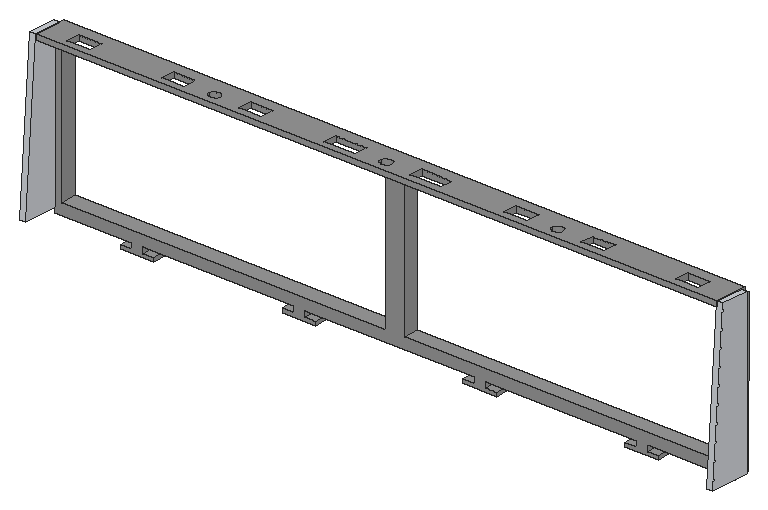
Revit family "einbaurahmen", category Generic Models, Revit 2017
Family settings
  Can host rebar = No
  Round Connector Dimension = Use Diameter
  Part Type = Normal
  Work Plane-Based = No
  Always vertical = Yes
  Cut with Voids When Loaded = No
  Shared = No
  Room Calculation Point = No
Parameters (values of type "MT45V 2+2")
  Width = 1.5 mm
  URL = "http://www.obo-bettermann.com"
  Material = Polycarbonat/Acrylnitril-Butadien-Styrol
  Manufacturer Art.No. = "7408682"
  Manufacturer = "Obo Bettermann"
  GTIN = "4012195674528"
  Cut's number = 2
  Article Type = "MT45V 2+2"
Reference planes
  plane 1 "Center (Front/Back)": y = 0
  plane 2: z = 0
  plane 3 "Center (Left/Right)": x = 0
  plane 4: x = -45.578
  plane 5: x = 45.5
  plane 6: x = -67.078
  plane 7: x = -24.078
  plane 8: x = 24
  plane 9: x = 67
  plane 10: z = -1.5
  plane 11: z = -2.5
  plane 12: y = -4
  plane 13: y = -0.947
  plane 14: y = -2.347
  plane 15: x = 1.431
  plane 16: x = 12.831
  plane 17: x = -9.969
  plane 18: x = -33.819
  plane 19: x = 36.681
  plane 20: x = 57.181
  plane 21: x = -54.319
  plane 22: y = -2.347
  plane 23: z = 44.508
  plane 24: z = 44.508
  plane 25: z = 1.091
Forms (mm)
  Extrusion 1, solid, material "Polycarbonat/Acrylnitril-Butadien-Styrol" <- "Material"
    sketch origin (0, 0, 0) x (1, 0, 0) y (0, 0, 1)
      loop
        line (-89.069, 0) -> (-68.578, 0) -> (-68.578, -1.5) -> (-71.57, -1.5) -> (-71.57, -2.5) -> (-62.613, -2.5) -> (-62.613, -1.5) -> (-65.578, -1.5) -> (-65.578, 0) -> (-25.561, 0) -> (-25.561, -1.5) -> (-28.547, -1.5) -> (-28.547, -2.5) -> (-19.549, -2.5) -> (-19.549, -1.5) -> (-22.561, -1.5) -> (-22.561, 0) -> (22.5, 0) -> (22.5, -1.5) -> (19.46, -1.5) -> (19.46, -2.5) -> (28.496, -2.5) -> (28.496, -1.5) -> (25.5, -1.5) -> (25.5, 0) -> (65.5, 0) -> (65.5, -1.5) -> (62.498, -1.5) -> (62.498, -2.5) -> (71.473, -2.5) -> (71.473, -1.5) -> (68.5, -1.5) -> (68.5, 0) -> (91.931, 0) -> (91.931, 43) -> (89.931, 43) -> (89.931, 3) -> (3.931, 3) -> (3.931, 43) -> (-1.069, 43) -> (-1.069, 3) -> (-87.069, 3) -> (-87.069, 43) -> (-89.069, 43) -> (-89.069, 0)
    from -0.153 to 4
  Extrusion 2, solid, material "Polycarbonat/Acrylnitril-Butadien-Styrol" <- "Material"
    sketch origin (0, 0.153, -0.046) x (0, 1, 0) y (0, 0, 1)
      loop
        line (-1.248, 43.057) -> (-1.118, 44.553) -> (-10.403, 45.366) -> (-10.534, 43.87) -> (-1.248, 43.057)
    from -89.069 to 91.931
  Extrusion 3, void
    sketch origin (0, 0, 0) x (1, 0, 0) y (0, 1, 0)
      loop
        line (8.681, -4.251) -> (8.681, -8.251) -> (16.981, -8.251) -> (16.981, -4.251) -> (8.681, -4.251)
      loop
        line (-14.119, -4.251) -> (-14.119, -8.251) -> (-5.819, -8.251) -> (-5.819, -4.251) -> (-14.119, -4.251)
    from 43 to 45.32
  Extrusion 4, void
    sketch origin (0, 0, 0) x (1, 0, 0) y (0, 1, 0)
      loop
        line (-36.819, -4.251) -> (-36.819, -8.251) -> (-30.819, -8.251) -> (-30.819, -4.251) -> (-36.819, -4.251)
    from 43 to 45.32
  Extrusion 5, void
    sketch origin (70.534, 0, 0) x (1, 0, 0) y (0, 1, 0)
      loop
        line (-36.819, -4.251) -> (-36.819, -8.251) -> (-30.819, -8.251) -> (-30.819, -4.251) -> (-36.819, -4.251)
    from 43 to 45.32
  Extrusion 6, void
    sketch origin (-20.511, 0, 0) x (1, 0, 0) y (0, 1, 0)
      loop
        line (-36.819, -4.251) -> (-36.819, -8.251) -> (-30.819, -8.251) -> (-30.819, -4.251) -> (-36.819, -4.251)
    from 43 to 45.32
  Extrusion 7, void
    sketch origin (91.081, 0, 0) x (1, 0, 0) y (0, 1, 0)
      loop
        line (-36.819, -4.251) -> (-36.819, -8.251) -> (-30.819, -8.251) -> (-30.819, -4.251) -> (-36.819, -4.251)
    from 43 to 45.32
  Extrusion 8, void
    sketch origin (116.081, 0, 0) x (1, 0, 0) y (0, 1, 0)
      loop
        line (-36.819, -4.251) -> (-36.819, -8.251) -> (-30.819, -8.251) -> (-30.819, -4.251) -> (-36.819, -4.251)
    from 43 to 45.32
  Extrusion 9, void
    sketch origin (-45.511, 0, 0) x (1, 0, 0) y (0, 1, 0)
      loop
        line (-36.819, -4.251) -> (-36.819, -8.251) -> (-30.819, -8.251) -> (-30.819, -4.251) -> (-36.819, -4.251)
    from 43 to 45.32
  Extrusion 10, void
    sketch origin (0, 0, 0) x (1, 0, 0) y (0, 1, 0)
      loop
        circle (1.431, -6.963) r 1.519
    from 43 to 45.32
  Extrusion 11, void
    sketch origin (45.53, 0, 0) x (1, 0, 0) y (0, 1, 0)
      loop
        circle (1.431, -6.963) r 1.519
    from 43 to 45.32
  Extrusion 12, void
    sketch origin (-45.546, 0, 0) x (1, 0, 0) y (0, 1, 0)
      loop
        circle (1.431, -6.963) r 1.519
    from 43 to 45.32
  Extrusion 13, solid
    sketch origin (0, 0, 0) x (0, 1, 0) y (0, 0, 1)
      loop
        line (-2.347, 44.629) -> (-10.262, 45.321) -> (-13.556, 2.071) -> (-2.347, 1.091) -> (-2.347, 44.629)
    from 91.931 to 93.431
  Extrusion 14, solid
    sketch origin (0, 0, 0) x (0, 1, 0) y (0, 0, 1)
      loop
        line (-2.347, 44.629) -> (-10.251, 45.32) -> (-13.55, 2.004) -> (-2.347, 1.15) -> (-2.347, 44.629)
    from -90.569 to -89.069
Cuts and joins
  Extrusion 3, Extrusion 4, Extrusion 5, Extrusion 6, Extrusion 7, Extrusion 8, Extrusion 9, Extrusion 10, Extrusion 11, Extrusion 12 cuts Extrusion 2
Dimensions and locks
  Extrusion 1 sketch curve to level = 43 mm
  locked: Extrusion 1 sketch curve to Extrusion 1 sketch curve at 43  (x5)
  locked: Extrusion 1 sketch curve to Extrusion 1 sketch curve at 2  (x2)
  Extrusion 1 sketch curve to Extrusion 1 sketch curve = 40 mm  (x2)
  locked: Extrusion 1 sketch curve to Extrusion 1 sketch curve at 5
  plane 3 "Center (Left/Right)" to Extrusion 1 sketch curve = 1.069 mm
  locked: Extrusion 1 sketch curve to Extrusion 1 sketch curve at 86  (x2)
  Extrusion 1 sketch curve to plane 4 = 41.491 mm
  Extrusion 1 sketch curve to plane 5 = 41.569 mm
  locked: plane 4 to plane 6 at 21.5
  locked: plane 7 to plane 4 at 21.5
  locked: plane 5 to plane 8 at 21.5
  locked: plane 9 to plane 5 at 21.5
  locked: Extrusion 1 sketch curve to Extrusion 1 sketch curve at 3  (x4)
  locked: Extrusion 1 sketch curve to plane 6 at 1.5
  locked: Extrusion 1 sketch curve to plane 7 at 1.483
  locked: Extrusion 1 sketch curve to plane 8 at 1.5
  locked: Extrusion 1 sketch curve to plane 9 at 1.5
  locked: Extrusion 1 sketch curve to Extrusion 1 sketch curve at 5.5  (x4)
  locked: Extrusion 1 sketch curve to Extrusion 1 sketch curve at 1  (x4)
  locked: Extrusion 1 sketch curve to Extrusion 1 sketch curve at 8.975
  locked: Extrusion 1 sketch curve to Extrusion 1 sketch curve at 9.036
  locked: Extrusion 1 sketch curve to Extrusion 1 sketch curve at 8.998
  locked: Extrusion 1 sketch curve to Extrusion 1 sketch curve at 8.956
  Extrusion 1 to Extrusion 1 = 4.153 mm
  locked: plane 1 "Center (Front/Back)" to plane 12 at 4
  Extrusion 2 sketch curve to plane 12 = 3.035 mm
  Extrusion 2 sketch curve to plane 12 = 2.904 mm
  plane 1 "Center (Front/Back)" to Extrusion 2 sketch curve = 10.251 mm  (x2)
  plane 1 "Center (Front/Back)" to Extrusion 2 sketch curve = 10.382 mm  (x2)
  Extrusion 1 to Extrusion 2 sketch curve = 1.248 mm  (x2)
  locked: plane 1 "Center (Front/Back)" to plane 13 at 1.1
  locked: Extrusion 2 sketch curve to Extrusion 2 sketch curve at 1.502
  locked: Extrusion 1 to plane 14 at 2.5
  plane 1 "Center (Front/Back)" to Extrusion 2 sketch curve = 0.965 mm
  Extrusion 2 sketch curve to Extrusion 2 sketch curve = 1.502 mm
  Extrusion 1 to Extrusion 2 sketch curve = 6.382 mm
  locked: Extrusion 2 sketch curve to Extrusion 1 at 1.508
  locked: Extrusion 2 sketch curve to Extrusion 2 sketch curve at 9.321
  locked: plane 1 "Center (Front/Back)" to Extrusion 2 sketch curve at 1.096
  locked: plane 1 "Center (Front/Back)" to Extrusion 2 sketch curve at 10.382
  locked: plane 1 "Center (Front/Back)" to Extrusion 2 sketch curve at 10.251
  locked: plane 1 "Center (Front/Back)" to Extrusion 2 sketch curve at 0.965
  plane 1 "Center (Front/Back)" to Extrusion 2 sketch curve = 1.096 mm
  locked: cut or joined group 1 (Extrusion 2, Extrusion 3, Extrusion 4, Extrusion 5, Extrusion 6, Extrusion 7, Extrusion 8, Extrusion 9, Extrusion 10, Extrusion 11, Extrusion 12) to plane 15 at 90.5
  locked: plane 15 to plane 16 at 11.4
  locked: plane 17 to plane 15 at 11.4
  locked: Extrusion 3 sketch curve to Extrusion 3 sketch curve at 8.3  (x2)
  locked: Extrusion 3 sketch curve to Extrusion 3 sketch curve at 4  (x2)
  locked: Extrusion 3 sketch curve to plane 16 at 4.15
  locked: cut or joined group 1 to Extrusion 3 sketch curve at 2  (x2)
  locked: Extrusion 3 sketch curve to plane 17 at 4.15
  Extrusion 3 sketch curve to plane 3 "Center (Left/Right)" = 14.119 mm
  plane 3 "Center (Left/Right)" to Extrusion 3 sketch curve = 8.681 mm
  locked: plane 15 to plane 19 at 35.25
  locked: plane 18 to plane 15 at 35.25
  locked: Extrusion 4 sketch curve to Extrusion 4 sketch curve at 6
  locked: Extrusion 4 sketch curve to Extrusion 4 sketch curve at 4
  cut or joined group 1 to Extrusion 4 sketch curve = 2 mm
  cut or joined group 1 to cut or joined group 1 = 2 mm
  locked: Extrusion 5 sketch curve to Extrusion 5 sketch curve at 6
  locked: Extrusion 5 sketch curve to Extrusion 5 sketch curve at 4
  locked: plane 15 to plane 20 at 55.75
  locked: plane 21 to plane 15 at 55.75
  locked: Extrusion 6 sketch curve to Extrusion 6 sketch curve at 6
  locked: Extrusion 6 sketch curve to Extrusion 6 sketch curve at 4
  locked: Extrusion 7 sketch curve to Extrusion 7 sketch curve at 6
  locked: Extrusion 7 sketch curve to Extrusion 7 sketch curve at 4
  locked: Extrusion 8 sketch curve to Extrusion 8 sketch curve at 6
  locked: Extrusion 8 sketch curve to Extrusion 8 sketch curve at 4
  group 3 to group 4 = 25 mm
  group 3 to group 4 = 0 mm  (x2)
  locked: Extrusion 9 sketch curve to Extrusion 9 sketch curve at 6
  locked: Extrusion 9 sketch curve to Extrusion 9 sketch curve at 4
  group 6 to group 5 = 25 mm
  group 5 to group 6 = 0 mm  (x2)
  group 7 to group 8 = 45.53 mm
  group 7 to group 8 = 0 mm  (x2)
  group 9 to group 7 = 45.546 mm
  group 7 to group 9 = 0 mm  (x2)
  locked: Extrusion 1 to plane 22 at 2.5
  locked: plane 25 to plane 23 at 43.417
  locked: Extrusion 13 sketch curve to Extrusion 13 sketch curve at 43.538
  locked: Extrusion 13 sketch curve to Extrusion 13 sketch curve at 7.945
  locked: Extrusion 13 sketch curve to Extrusion 13 sketch curve at 43.375
  locked: Extrusion 13 sketch curve to Extrusion 13 sketch curve at 11.252
  locked: plane 1 "Center (Front/Back)" to Extrusion 13 sketch curve at 13.556
  locked: plane 1 "Center (Front/Back)" to Extrusion 13 sketch curve at 10.262
  locked: plane 1 "Center (Front/Back)" to Extrusion 13 sketch curve at 2.347
  plane 1 "Center (Front/Back)" to Extrusion 13 sketch curve = 2.347 mm
  "Width": Extrusion 13 to Extrusion 13
  locked: plane 1 "Center (Front/Back)" to Extrusion 14 sketch curve at 2.347  (x2)
  locked: plane 1 "Center (Front/Back)" to Extrusion 14 sketch curve at 10.251
  locked: plane 1 "Center (Front/Back)" to Extrusion 14 sketch curve at 13.55
  locked: plane 1 "Center (Front/Back)" to Extrusion 13 at 2.347
  "Width": Extrusion 14 to Extrusion 14
  angle Extrusion 1 to Extrusion 2 sketch curve = 5.00°
  aligned and locked: level to plane 2
  aligned and locked: Extrusion 1 to plane 12
  aligned and locked: Extrusion 2 to Extrusion 1
  aligned and locked: Extrusion 1 to Extrusion 2
  aligned and locked: Extrusion 1 to Extrusion 3
  aligned and locked: Extrusion 2 to Extrusion 3
  aligned and locked: Extrusion 4 to Extrusion 1
  aligned and locked: Extrusion 4 to Extrusion 2
  aligned and locked: cut or joined group 1 to cut or joined group 1  (x4)
  aligned and locked: Extrusion 10 to Extrusion 1
  aligned and locked: Extrusion 10 to Extrusion 2
  aligned and locked: Extrusion 13 to Extrusion 1
  aligned and locked: Extrusion 14 to Extrusion 1
Automatic sketch dimensions
  Extrusion 1 sketch curve to plane 10 = 0 mm  (x4)
  Extrusion 1 sketch curve to plane 11 = 0 mm
  Extrusion 1 sketch curve to level = 0 mm  (x4)
  Extrusion 1 sketch curve to Extrusion 1 sketch curve = 2.992 mm
  Extrusion 1 sketch curve to Extrusion 1 sketch curve = 2.987 mm
  Extrusion 1 sketch curve to Extrusion 1 sketch curve = 3.04 mm
  Extrusion 1 sketch curve to Extrusion 1 sketch curve = 3.002 mm
  Extrusion 13 sketch curve to plane 25 = 0 mm
  level to Extrusion 14 sketch curve = 2.004 mm
  level to Extrusion 14 sketch curve = 1.15 mm
  Extrusion 14 sketch curve to Extrusion 14 sketch curve = 0.691 mm
  radius of Extrusion 10 sketch curve = 1.519 mm
  radius of Extrusion 11 sketch curve = 1.519 mm
  radius of Extrusion 12 sketch curve = 1.519 mm
